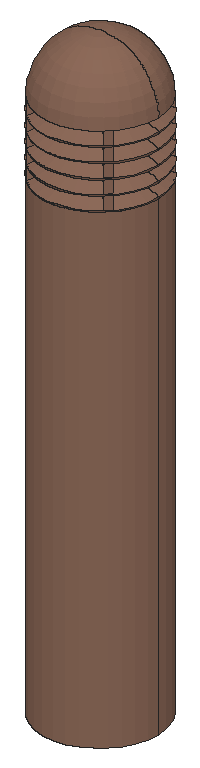
Revit family "VRB_Bollard", category Lighting Fixtures, Revit 2021
Family settings
  Round Connector Dimension = Use Diameter
  Part Type = Normal
  OmniClass Number = 23.80.70.14
  OmniClass Title = Luminaries for External Lighting
  Work Plane-Based = No
  Always vertical = Yes
  Cut with Voids When Loaded = No
  Light Source = Yes
  Shared = No
  Room Calculation Point = No
Parameters (values of type "VRB")
  Wattage Comments = "default"
  Wattage = 12.1178 W
  built-in parameter 1150110 = 1 (stored number, unit not read)
  Voltage = 120 V
  URL = "https://www.currentlighting.com/kimlighting"
  Type Comments = "Lighted Bollard"  # constant formula
  built-in parameter 1114217 = 1 (stored number, unit not read)
  Tilt Angle = 90.00°
  built-in parameter 1150109 = 1 (stored number, unit not read)
  built-in parameter 1150134 = (empty or 0)
  built-in parameter 1150113 = 1 (stored number, unit not read)
  Series = "Vandal-Resistant Bollards"  # constant formula
  Radius = Diameter / 2  # 0' - 4"
  Product Page URL = ""
  Product Documentation Link = ""
  Power Factor = 1
  Photometric Web File = "vrb1-10l4k.ies"
  Photometric Notes = "More IES files download on Photometric Web Link"  # constant formula
  Number of Poles = 1
  Note Visible = yes
  Note Text = "LF"  # constant formula
  Model = "VRB Bollard"  # constant formula
  MasterFormat Title = "Landscape Lighting, Site Lighting, Walkway Lighting"  # constant formula
  Manufacturer = "Kim Lighting"  # constant formula
  Lumens = 1800 lm
  built-in parameter 1150115 = 1 (stored number, unit not read)
  built-in parameter 1150105 = 143.24 (stored number, unit not read)
  Load Classification = Lighting
  built-in parameter 1150137 = (empty or 0)
  built-in parameter 1150139 = (empty or 0)
  built-in parameter 1150112 = 1 (stored number, unit not read)
  built-in parameter 1150114 = 1 (stored number, unit not read)
  Lamp = "LED"  # constant formula
  built-in parameter 1150132 = 2
  built-in parameter 1150102 = (empty or 0)
  built-in parameter 1150138 = (empty or 0)
  built-in parameter 1150107 = 3000 (stored number, unit not read)
  built-in parameter 1150106 = 1.4324 (stored number, unit not read)
  Height = 3' - 6"
  Glass = Glass-Temper Molded
  Finish = Powder Coat-Dark Bronze
  built-in parameter 1150104 = 13.8 (stored number, unit not read)
  Dimming Lamp Color Temperature Shift = <None>
  Diameter = 0' - 8"  # constant formula
  Description = "Low Level Luminaire"  # constant formula
  Default Elevation = 0' - 0"
  Color Filter = 16777215
  built-in parameter 1114218 = 1 (stored number, unit not read)
  built-in parameter 1150133 = 10 (stored number, unit not read)
  Assembly Code = "D5020200"
  Apparent Load = 0 VA
Reference planes (in)
  plane 1 "Light Source Axis (F/B)": y = 0
  plane 2: z = 0
  plane 3 "Light Source Axis (L/R)": x = 0
  plane 4 "Light Source Elevation": z = 36
  plane 5 "Left": x = -4
  plane 6 "Right": x = 4
  plane 7 "Back": y = 4
  plane 8 "Front": y = -4
  plane 9 "Top": z = 42
  plane 10: z = 33
  plane 11: z = 38
Forms (in)
  Extrusion 1, solid, material "Powder Coat-Dark Bronze" <- "Finish"
    sketch origin (0, 0, 39.75) x (-1, 0, 0) y (0, -1, 0)
      loop
        line (2.98509, 2.63154) -> (2.63154, 2.98509) -> (1.61663, 1.97019) -> (1.97019, 1.61663) -> (2.98509, 2.63154)
      loop
        line (2.98509, -2.63154) -> (1.97019, -1.61663) -> (1.61663, -1.97019) -> (2.63154, -2.98509) -> (2.98509, -2.63154)
      loop
        line (-2.98509, 2.63154) -> (-1.97019, 1.61663) -> (-1.61663, 1.97019) -> (-2.63154, 2.98509) -> (-2.98509, 2.63154)
      loop
        line (-2.98509, -2.63154) -> (-2.63154, -2.98509) -> (-1.61663, -1.97019) -> (-1.97019, -1.61663) -> (-2.98509, -2.63154)
    from -6.75 to -1.75
  Revolve 2, solid, material "Powder Coat-Dark Bronze" <- "Finish", detail levels medium+fine
    sketch origin (0, 0, 0) x (1, 0, 0) y (0, 0, 1)
      loop
        line (-4, 33) -> (-1.98859, 33.93794) -> (-2.04141, 34.05123) -> (-4.05283, 33.11329) -> (-4, 33)
      loop
        line (-4, 34) -> (-1.98859, 34.93794) -> (-2.04141, 35.05123) -> (-4.05283, 34.11329) -> (-4, 34)
      loop
        line (-4, 35) -> (-1.98859, 35.93794) -> (-2.04141, 36.05123) -> (-4.05283, 35.11329) -> (-4, 35)
      loop
        line (-4, 36) -> (-1.98859, 36.93794) -> (-2.04141, 37.05123) -> (-4.05283, 36.11329) -> (-4, 36)
      loop
        line (-4, 37) -> (-1.98859, 37.93794) -> (-2.04141, 38.05123) -> (-4.05283, 37.11329) -> (-4, 37)
      axis (0, 33) -> (0, 38.05123)
    angle from 0 to 360
  Revolve 3, solid, material "Glass-Temper Molded" <- "Glass", detail levels medium+fine
    sketch origin (0, 0, 0) x (1, 0, 0) y (0, 0, 1)
      loop
        line (-1.98859, 33) -> (-1.86359, 33) -> (-1.86359, 38.43794)
        arc (-1.86359, 38.43794) -> (-1.31776, 39.75569) -> (0, 40.30152) r 1.86359
        line (0, 40.30152) -> (0, 40.42652)
        arc (0, 40.42652) -> (-1.40614, 39.84408) -> (-1.98859, 38.43794) r 1.98859
        line (-1.98859, 38.43794) -> (-1.98859, 33)
      axis (0, 33) -> (0, 40.42652)
    angle from 0 to 360
  Revolve 4, solid, material "Powder Coat-Dark Bronze" <- "Finish", detail levels medium+fine
    sketch origin (0, 0, 0) x (1, 0, 0) y (0, 0, 1)
      loop
        line (-4, 0) -> (-1.875, 0) -> (-1.875, 33) -> (-4, 33) -> (-4, 0)
      loop
        line (-4, 38) -> (-3.24226, 38) -> (-3.24226, 39.88422)
        arc (-3.24226, 39.88422) -> (-1.87039, 41.25025) -> (0, 41.75) r 3.75
        line (0, 41.75) -> (0, 42)
        arc (0, 42) -> (-2.82843, 40.82843) -> (-4, 38) r 4
      axis (0, 0) -> (0, 42)
    angle from 0 to 360
  Revolve 5, solid, material "Powder Coat-Dark Bronze" <- "Finish", detail levels coarse
    sketch origin (0, 0, 0) x (1, 0, 0) y (0, 0, 1)
      loop
        line (-4, 0) -> (0, 0) -> (0, 33) -> (-4, 33) -> (-4, 0)
      loop
        line (-4, 38) -> (0, 38) -> (0, 42)
        arc (0, 42) -> (-2.82843, 40.82843) -> (-4, 38) r 4
      axis (0, 42) -> (0, 0)
    angle from 0 to 360
Lines and regions (in)
  Masking region 1
    outline origin (0, 0, 0) x (1, 0, 0) y (0, 1, 0)
      loop
        circle (0, 0) r 4
  symbolic lines, style "LightingFixturesHiddenLines", detail levels fine
    curve 1: circle (-1.76777, 1.76777, 0) r 0.1875 normal (0, 0, 1)
    curve 2: circle (1.76777, 1.76777, 0) r 0.1875 normal (0, 0, -1)
    curve 3: circle (-1.76777, -1.76777, 0) r 0.1875 normal (0, 0, -1)
    curve 4: circle (1.76777, -1.76777, 0) r 0.1875 normal (0, 0, 1)
  symbolic lines, style "LightingFixturesHiddenLines", detail levels medium+fine
    curve 5: circle (0, 0, 0) r 1.875 normal (0, 0, 1)
Dimensions and locks (in)
  equal spacing: plane 7 "Back", plane 1 "Light Source Axis (F/B)", plane 8 "Front"
  "Diameter": plane 7 "Back" to plane 8 "Front"
  equal spacing: plane 5 "Left", plane 3 "Light Source Axis (L/R)", plane 6 "Right"
  "Diameter": plane 5 "Left" to plane 6 "Right"
  "Height": plane 9 "Top" to level
  imposter light to Revolve 3 sketch curve to Revolve 3 sketch curve = 0' - 1.86359" locked, 0' - 0 1/8" locked
  Revolve 3 sketch curve to Revolve 3 sketch curve to Revolve 3 sketch curve to Revolve 3 sketch curve to plane 10 = 0' - 0 1/8" locked, 0' - 1.86359" locked, 0' - 0" locked, 0' - 5.43794" locked
  locked: curve 3 to plane 8 "Front" at 2.23223
  locked: plane 7 "Back" to curve 1 at 2.23223
  locked: plane 7 "Back" to curve 2 at 2.23223
  locked: curve 4 to plane 8 "Front" at 2.23223
  locked: plane 5 "Left" to curve 1 at 2.23223
  locked: plane 5 "Left" to curve 3 at 2.23223
  locked: curve 2 to plane 6 "Right" at 2.23223
  locked: curve 4 to plane 6 "Right" at 2.23223
  locked: curve 5 to plane 1 "Light Source Axis (F/B)" at 0
  locked: curve 5 to plane 3 "Light Source Axis (L/R)" at 0
  locked: plane 3 "Light Source Axis (L/R)" to Revolve 4 sketch curve at 1.875
  locked: plane 5 "Left" to Revolve 4 sketch curve at 0.75774
  plane 9 "Top" to plane 11 to plane 4 "Light Source Elevation" to plane 10 = 0' - 4" locked, 0' - 2" locked, 0' - 3" locked
  Revolve 2 sketch curve to Revolve 2 sketch curve to Revolve 2 sketch curve to Revolve 2 sketch curve to Revolve 2 sketch curve to Revolve 2 sketch curve to Revolve 2 sketch curve to Revolve 2 sketch curve to Revolve 2 sketch curve to Revolve 2 sketch curve to Revolve 2 sketch curve to Revolve 2 sketch curve to Revolve 2 sketch curve to Revolve 2 sketch curve to Revolve 2 sketch curve to Revolve 2 sketch curve to Revolve 2 sketch curve to Revolve 2 sketch curve to Revolve 2 sketch curve to plane 10 to Revolve 2 sketch curve = 0' - 0 29/256" locked, 0' - 0.82465" locked, 0' - 0.06206" locked, 0' - 0.05123" locked, 0' - 0.06206" locked, 0' - 0.82465" locked, 0' - 0.06206" locked, 0' - 0.05123" locked, 0' - 0.06206" locked, 0' - 0.82465" locked, 0' - 0.06206" locked, 0' - 0.05123" locked, 0' - 0.06206" locked, 0' - 0.82465" locked, 0' - 0.06206" locked, 0' - 0.05123" locked, 0' - 0.06206" locked, 0' - 0.82465" locked, 0' - 0 29/256" locked, 0' - 0" locked
  Revolve 2 sketch curve to plane 5 "Left" to Revolve 2 sketch curve to Revolve 2 sketch curve to Revolve 2 sketch curve = 0' - 0.05283" locked, 0' - 0" locked, 0' - 1.95859" locked, 0' - 0.05283" locked  (x5)
  plane 9 "Top" to Revolve 4 sketch curve to Revolve 4 sketch curve = 0' - 4" locked, 0' - 0" locked
  plane 5 "Left" to Extrusion 1 sketch curve to Extrusion 1 sketch curve to Extrusion 1 sketch curve to Extrusion 1 sketch curve = 0' - 1.01491" locked, 0' - 0.35355" locked, 0' - 0.66135" locked, 0' - 0.35355" locked  (x2)
  Extrusion 1 sketch curve to Extrusion 1 sketch curve to Extrusion 1 sketch curve to Extrusion 1 sketch curve to plane 8 "Front" = 0' - 0.35355" locked, 0' - 0.66135" locked, 0' - 0.35355" locked, 0' - 1.01491" locked  (x2)
  plane 7 "Back" to Extrusion 1 sketch curve to Extrusion 1 sketch curve to Extrusion 1 sketch curve to Extrusion 1 sketch curve = 0' - 1.01491" locked, 0' - 0.35355" locked, 0' - 0.66135" locked, 0' - 0.35355" locked  (x2)
  Extrusion 1 sketch curve to Extrusion 1 sketch curve to Extrusion 1 sketch curve to Extrusion 1 sketch curve to plane 6 "Right" = 0' - 0.35355" locked, 0' - 0.66135" locked, 0' - 0.35355" locked, 0' - 1.01491" locked  (x2)
  locked: plane 1 "Light Source Axis (F/B)" to Masking region 1 sketch curve at 0
  locked: plane 3 "Light Source Axis (L/R)" to Masking region 1 sketch curve at 0
  "Radius": radius of Masking region 1 sketch curve
  aligned and locked: plane 3 "Light Source Axis (L/R)" to imposter light
  aligned and locked: plane 1 "Light Source Axis (F/B)" to imposter light
  aligned and locked: plane 4 "Light Source Elevation" to imposter light
  aligned and locked: Extrusion 1 to plane 10
  aligned and locked: plane 11 to Extrusion 1
  aligned and locked: plane 3 "Light Source Axis (L/R)" to Revolve 2 sketch curve
  aligned and locked: Revolve 3 sketch curve to plane 3 "Light Source Axis (L/R)"
  aligned and locked: Revolve 3 sketch curve to plane 10
  aligned and locked: plane 3 "Light Source Axis (L/R)" to Revolve 3 sketch curve
  aligned and locked: level to Revolve 4 sketch curve
  aligned and locked: Revolve 4 sketch curve to plane 5 "Left"
  aligned and locked: Revolve 4 sketch curve to plane 10
  aligned and locked: plane 3 "Light Source Axis (L/R)" to Revolve 4 sketch curve
  aligned and locked: plane 3 "Light Source Axis (L/R)" to Revolve 5 sketch curve
  aligned and locked: Revolve 5 sketch curve to plane 11
  aligned and locked: plane 5 "Left" to Revolve 5 sketch curve
  aligned and locked: Revolve 5 sketch curve to plane 5 "Left"
  aligned and locked: Revolve 5 sketch curve to plane 3 "Light Source Axis (L/R)"  (x2)
  aligned and locked: Revolve 5 sketch curve to plane 10
  aligned and locked: level to Revolve 5 sketch curve
Automatic sketch dimensions
  Revolve 3 sketch curve to plane 10 = 0' - 1 1/4"
  Revolve 3 sketch curve to Revolve 3 sketch curve = 0' - 0.57348"
  Revolve 4 sketch curve to level = 1' - 9"
  Revolve 4 sketch curve to Revolve 4 sketch curve = 1' - 1"
  Revolve 2 sketch curve to plane 10 = 0' - 1.37171"
  plane 11 to Revolve 2 sketch curve = 0' - 1.12829"
  plane 5 "Left" to Revolve 4 sketch curve = 0' - 0"
  Revolve 4 sketch curve to plane 3 "Light Source Axis (L/R)" = 0' - 0"
  Revolve 4 sketch curve to Revolve 4 sketch curve = 0' - 1.88422"
  Revolve 5 sketch curve to level = 0' - 7 1/2"
  Revolve 5 sketch curve to Revolve 5 sketch curve = 0' - 5 1/2"
  radius of curve 1 = 0' - 0 3/16"
  radius of curve 2 = 0' - 0 3/16"
  radius of curve 3 = 0' - 0 3/16"
  radius of curve 4 = 0' - 0 3/16"
  radius of curve 5 = 0' - 1 7/8"
Nested families (in)
  nested 1: "Notation" at (0, 4.62623, 0), visible <- "Note Visible", type "Notation"
Connectors (in)
  electrical at (0, 0, 0), driven by "Power Factor", driven by "Apparent Load", driven by "Voltage", driven by "Number of Poles", driven by "Load Classification"
    settings: on Revolve 4, index 1, voltage 120 V, apparent load 0 VA, apparent load phase1 0 VA, apparent load phase2 0 VA, apparent load phase3 0 VA, power factor 1, load classification "Lighting", number of poles 1, system type 30, power factor state 1, is connector primary yes, connector utility no, sub classification motor no, connector description "Lighting Connector"
Definition of nested family "Notation"
  Parameters
    Notation = "LF"
  Reference planes (in)
    plane 1: y = 0
    plane 2: x = 0
  Text (in)
    label "Notation" at (0.02149, 0.07192, 0), shows "Notation"
